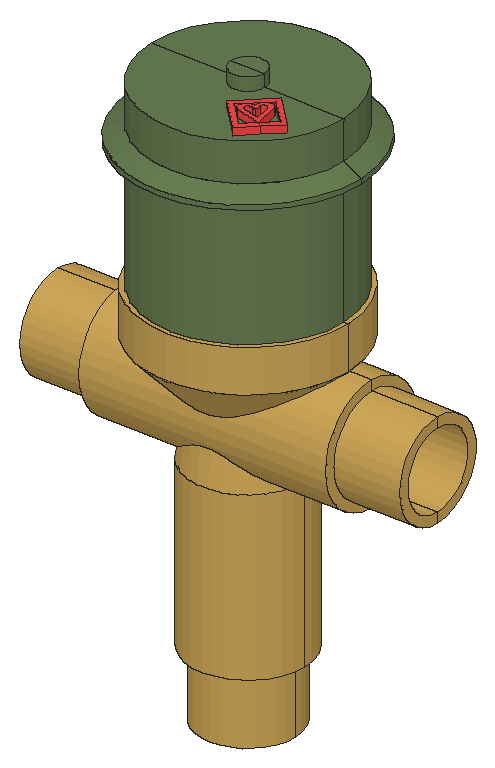
Revit family "TW Mischventil 7766 54", category Rohrzubehör, Revit 2018
Family settings
  Bemaßung runder Anschluss = Durchmesser verwenden
  Teiletyp = Unterbricht
  OmniClass-Nummer = 23.65.55.14
  OmniClass-Titel = Valves for Liquid Services
  Arbeitsebenenbasiert = Nein
  Immer vertikal = Ja
  Beim Laden mit Abzugskörper schneiden = Nein
  Gemeinsam genutzt = Nein
Parameters
  Temperaturstabilität am Ausgang = "+-2°C"  # constant formula
  Min. Übertemp. WW-MW = 15 °C  # constant formula
  Min. Durchfluss = 0.07 L/s  # constant formula
  Min. Betriebstemp. KW = "5 °C - 25 °C"  # constant formula
  Max. Betriebstemp. WW = 85 °C  # constant formula
  Max. Arbeitsdruck (dynamisch) = "0.2 - 6 bar"  # constant formula
  Warnhinweis = "• Es wird empfohlen das Ventil mindestens einmal im Jahr zu überprüfen. Bei schlechter oder unbekannter Wassergüte\r\nist die Prüfung entsprechend öfter durchzuführen.\r\n• Die Prüfung der Auslauftemperatur ist wie bei der Neuinstallation durchzuführen und darf nicht mehr als 2 °C vom\r\nErsteinstellwert abweichen.\r\n• Die Rückschlagventile sind zur Reinigung leicht zugänglich. Wir empfehlen die Verwendung einer Spitzzange um die\r\nRückschlagventile aus dem Ventilgehäuse zu ziehen. Aushebeln kann zu Beschädigungen führen.\r\n• Außer der Abnahme des Handrades und der Reinigung der Rückschlagventile ist ein weiteres Zerlegen des Ventils\r\nfür Wartungszwecke nicht vorgesehen"
  URL = "www.herz-armaturen.at"
  Temp. Einstellbereich = "35 °C - 50 °C"  # constant formula
  Spindel = "entzinkungsbeständiges Messing CW626N"  # constant formula
  Sicherheitshinweis = "Die verwendete Armatur ist eine SICHERHEITSARMATUR. Ein Austausch spätestens alle 5 Jahre wird empfohlen.\r\nNationale und regionale Normen, sowie Richtlinien sind zu beachten."
  SCTWSEQ = "AW;SBT_TYP_AW=\"104\";3"
  SCTWCODE = "04;18;03"  # constant formula
  S02 = H07 - H01 - H05  # 38.4 mm
  S01 = H00 - H01  # 61 mm
  R07 = 3.5 mm  # constant formula
  R06 = 24 mm  # constant formula
  R05 = 20.3 mm  # constant formula
  R04 = 24 mm  # constant formula
  R03 = R02 + 2 mm  # 12 mm
  R02 = Nennweite / 2  # 10 mm
  R01 = 8 mm  # constant formula
  Nennweite = 20 mm  # constant formula
  Mischtemp. (Werkseinstellung) = 45 °C  # constant formula
  Medium = "Trinkwasser"  # constant formula
  LO1 = H07 - H05  # 59.4 mm
  L02 = 21.3 mm  # constant formula
  L01 = 12 mm  # constant formula
  L00 = 40 mm  # constant formula
  Innenteil = "entzinkungsbeständiges Messing CW626N"  # constant formula
  Hinweis = "Gemäß Art 33 der REACH-Verordnung (EG Nr. 1907/2006) sind wir verpflichtet, darauf hinzuweisen, dass der Stoff Blei auf der SVHC-Liste geführt wird und dass alle aus Messing bestehenden Bauteile, die in unseren Erzeugnissen verarbeitet sind, mehr als 0,1 % (w/w) Blei (CAS: 7439-92-1 / EINECS: 231-100-4) enthalten.\r\nDa Blei als Legierungsbestandteil fest gebunden ist, sind keine Expositionen zu erwarten und daher sind keine zusätzlichen Angaben zur sicheren Verwendung notwendig."
  Hersteller = "HERZ Armaturen Ges.m.b.H."  # constant formula
  Handrad = "ABS"  # constant formula
  H08 = 8 mm  # constant formula
  H07 = 62 mm  # constant formula
  H06 = 25.4 mm  # constant formula
  H05 = 2.6 mm  # constant formula
  H04 = 35 mm  # constant formula
  H03 = 14 mm  # constant formula
  H02 = 9 mm  # constant formula
  H01 = 21 mm  # constant formula
  H00 = 82 mm  # constant formula
  Gehäuse = "entzinkungsbeständiges Messing CC770S"  # constant formula
  Funktion = "Das thermostatische Mischventil 7766 TMV wird in Anlagen mit erwärmten Trinkwasser eingesetzt.\r\nUnabhängig von Druck- oder Temperaturänderungen des im Ventil zu vermischenden Kalt- und Warmwassers, wird das gemischte Wasser konstant auf den voreingestellten Temperatur- und Durchflusswert geregelt.\r\nDas Thermostatventil arbeitet vollkommen selbstständig und ohne Hilfsenergie.\r\nDer nach der Installation einmal voreingestellte Wert der gewünschten Mischtemperatur, wird innerhalb einer regeltechnischen Hysterese konstant gehalten."
  Feder = "Edelstahl 1.4310"  # constant formula
  Durchfluss bei 3 bar = 0.7 L/s  # constant formula
  Dichtung = "EPDM"  # constant formula
  Bestellnummer = 2776654  # constant formula
  Arbeitsdruck (statisch) = 1000000.0 Pa  # constant formula
  Anschlussgewinde = "flachdichtend, G 3/4"  # constant formula
Reference planes
  plane 1 "Mitte (Vorne/hinten)": y = 0
  plane 2: z = 0
  plane 3 "Mitte (Links/rechts)": x = 0
Forms (mm)
  Revolve 1, solid, material "Kunststoff GRÜN", detail levels fine
    sketch origin (-2.352, 0, -141.797) x (1, 0, 0) y (0, 0, 1)
      loop
        line (-1.148, 201.197) -> (-17.948, 201.197) -> (-17.948, 193.197) -> (-21.648, 191.197) -> (-21.648, 190.197) -> (-17.948, 188.197) -> (-17.948, 162.797) -> (2.352, 162.797) -> (2.352, 203.797) -> (-1.148, 203.797) -> (-1.148, 201.197)
      axis (2.352, 203.797) -> (2.352, 162.797)
    angle from 0 to 360
  Revolve 2, solid, material "Messing, weicher Gelbton, geschweißt", detail levels fine
    sketch origin (101.455, 0, 0) x (1, 0, 0) y (0, 0, 1)
      loop
        line (-101.455, -49) -> (-101.455, 21) -> (-122.755, 21) -> (-122.755, 12) -> (-111.455, 0) -> (-113.455, -12) -> (-113.455, -47) -> (-111.455, -47) -> (-111.455, -61) -> (-109.455, -61) -> (-109.455, -49) -> (-101.455, -49)
      axis (-101.455, 21) -> (-101.455, -61)
    angle from 0 to 360
  Revolve 3, solid, material "Messing, weicher Gelbton, geschweißt", detail levels fine
    sketch origin (-28, 0, 0) x (1, 0, 0) y (0, 0, 1)
      loop
        line (56, 8) -> (68, 8) -> (68, 10) -> (54, 10) -> (54, 12) -> (2, 12) -> (2, 10) -> (-12, 10) -> (-12, 8) -> (0, 8) -> (0, 0) -> (56, 0) -> (56, 8)
      axis (-12, 0) -> (68, 0)
    angle from 0 to 360
Lines and regions (mm)
  model lines, detail levels coarse+medium
    curve 1: line (-40, 0, 10) -> (-40, 0, -10)
    curve 2: line (-40, 0, -10) -> (40, 0, 10)
    curve 3: line (40, 0, 10) -> (40, 0, -10)
    curve 4: line (40, 0, -10) -> (-40, 0, 10)
    curve 5: line (0, 0, 0) -> (10, 0, -61)
    curve 6: line (10, 0, -61) -> (-10, 0, -61)
    curve 7: line (-10, 0, -61) -> (0, 0, 0)
    curve 8: line (0, 0, 0) -> (0, 0, 21)
    curve 9: line (-20.3, 0, 21) -> (20.3, 0, 21)
    curve 10: line (20.3, 0, 21) -> (20.3, 0, 59.4)
    curve 11: line (20.3, 0, 59.4) -> (-20.3, 0, 59.4)
    curve 12: line (-20.3, 0, 59.4) -> (-20.3, 0, 21)
    curve 13: line (20.3, 0, 59.4) -> (-20.3, 0, 21)
    curve 14: line (-20.3, 0, 59.4) -> (20.3, 0, 21)
    curve 15: line (-40, 10, 0) -> (-40, -10, 0)
    curve 16: line (-40, -10, 0) -> (40, 10, 0)
    curve 17: line (40, 10, 0) -> (40, -10, 0)
    curve 18: line (40, -10, 0) -> (-40, 10, 0)
    curve 19: line (0, 0, 0) -> (-10, -61, 0)
    curve 20: line (-10, -61, 0) -> (10, -61, 0)
    curve 21: line (10, -61, 0) -> (0, 0, 0)
    curve 22: line (0, 0, 0) -> (0, 21, 0)
    curve 23: line (-20.3, 21, 0) -> (20.3, 21, 0)
    curve 24: line (20.3, 21, 0) -> (20.3, 59.4, 0)
    curve 25: line (20.3, 59.4, 0) -> (-20.3, 59.4, 0)
    curve 26: line (-20.3, 59.4, 0) -> (-20.3, 21, 0)
    curve 27: line (20.3, 59.4, 0) -> (-20.3, 21, 0)
    curve 28: line (-20.3, 59.4, 0) -> (20.3, 21, 0)
Dimensions and locks
  "L00": Revolve 3 sketch curve to plane 3 "Mitte (Links/rechts)" to Revolve 3 sketch curve
  "L01": Revolve 3 sketch curve to Revolve 3 sketch curve  (x2)
  "R01": Revolve 3 sketch curve to Revolve 3 sketch curve  (x2)
  "R02": Revolve 3 sketch curve to Revolve 3 sketch curve
  "L02": Revolve 2 sketch curve to Revolve 2 sketch curve
  "H02": Revolve 2 sketch curve to Revolve 2 sketch curve
  "R02": Revolve 2 sketch curve to Revolve 2 sketch curve  (x2)
  "H01": Revolve 2 sketch curve to plane 2
  "H00": Revolve 2 sketch curve to Revolve 2 sketch curve
  "H03": Revolve 2 sketch curve to Revolve 2 sketch curve
  "R03": Revolve 2 sketch curve to Revolve 2 sketch curve
  "H04": Revolve 2 sketch curve to Revolve 2 sketch curve
  "R01": Revolve 2 sketch curve to Revolve 2 sketch curve
  "L01": Revolve 2 sketch curve to Revolve 2 sketch curve
  "H03": Revolve 3 sketch curve to Revolve 3 sketch curve  (x2)
  "R03": Revolve 3 sketch curve to Revolve 3 sketch curve
  "R05": Revolve 1 sketch curve to Revolve 1 sketch curve  (x2)
  "H07": Revolve 1 sketch curve to plane 2
  "H05": Revolve 1 sketch curve to Revolve 1 sketch curve
  "H06": Revolve 1 sketch curve to Revolve 1 sketch curve
  "H08": Revolve 1 sketch curve to Revolve 1 sketch curve
  "R06": Revolve 1 sketch curve to Revolve 1 sketch curve
  "R07": Revolve 1 sketch curve to Revolve 1 sketch curve
  "R02": curve 4 to plane 2 to curve 2
  "R02": curve 3 to plane 2 to curve 4
  "L00": curve 1 to plane 3 "Mitte (Links/rechts)" to curve 3
  "R02": curve 6 to plane 3 "Mitte (Links/rechts)" to curve 7
  "S01": plane 2 to curve 6
  "H01": curve 8 to plane 2
  "S02": curve 11 to Revolve 1
  "R05": curve 12 to plane 3 "Mitte (Links/rechts)" to curve 10
  "L00": curve 15 to plane 3 "Mitte (Links/rechts)" to curve 17
  "R02": curve 16 to plane 1 "Mitte (Vorne/hinten)" to curve 18
  "R02": curve 18 to plane 1 "Mitte (Vorne/hinten)" to curve 17
  "R02": curve 20 to plane 3 "Mitte (Links/rechts)" to curve 21
  "S01": curve 20 to plane 1 "Mitte (Vorne/hinten)"
  "H01": plane 1 "Mitte (Vorne/hinten)" to curve 22
  "S02": curve 23 to curve 25
  "R05": curve 26 to plane 3 "Mitte (Links/rechts)" to curve 24
  "LO1": nested 1 to plane 2
  aligned and locked: level to plane 2
Automatic sketch dimensions
  curve 5 to level = 0 mm
  curve 8 to level = 0 mm
  plane 1 "Mitte (Vorne/hinten)" to curve 19 = 0 mm
  plane 1 "Mitte (Vorne/hinten)" to curve 22 = 0 mm
  Revolve 1 sketch curve to plane 3 "Mitte (Links/rechts)" = 0 mm  (x2)
  Revolve 1 sketch curve to Revolve 1 sketch curve = 2 mm  (x2)
  Revolve 1 sketch curve to Revolve 1 sketch curve = 1 mm
  Revolve 1 sketch curve to level = 366.045 mm
  Revolve 1 sketch curve to Revolve 1 sketch curve = 2152.315 mm
  Revolve 2 sketch curve to level = 0 mm
  Revolve 2 sketch curve to plane 3 "Mitte (Links/rechts)" = 0 mm  (x2)
  Revolve 2 sketch curve to Revolve 2 sketch curve = 0 mm
  Revolve 2 sketch curve to Revolve 2 sketch curve = 2193.315 mm
  Revolve 3 sketch curve to level = 0 mm  (x2)
  Revolve 3 sketch curve to Revolve 3 sketch curve = 2 mm
  Revolve 3 sketch curve to Revolve 3 sketch curve = 0 mm  (x2)
Nested families
  nested 1: "Herz-Logo" at (9.58, -9.58, 59.4) x (0.7071, 0.7071, 0) z (0, 0, 1), type "Herz-Logo", detail levels fine
Connectors
  piping at (-40, 0, 0), diameter 20, driven by "Nennweite"
    settings: on Revolve 3, index 1, connector inside diameter 609.6 mm, connector length 0 mm, flow factor 0, pipe flow 0.0 L/s, pressure drop 0.0 Pa, fitting loss kfactor 0, connector angle 0.00°, fixture units 0, engagement length 0 mm, angle of deflection 0.00°, flow configuration 0, flow direction 1, fitting loss method 0, system type 20, joint type 0, gender type 0, connector reference index -1, connector utility 0, adjustable connector no, is connector primary yes, connector description ""
  piping at (40, 0, 0), diameter 20, driven by "Nennweite"
    settings: on Revolve 3, index 2, connector inside diameter 609.6 mm, connector length 0 mm, flow factor 0, pipe flow 0.0 L/s, pressure drop 0.0 Pa, fitting loss kfactor 0, connector angle 0.00°, fixture units 0, engagement length 0 mm, angle of deflection 0.00°, flow configuration 0, flow direction 1, fitting loss method 0, system type 19, joint type 0, gender type 0, connector reference index -1, connector utility 0, adjustable connector no, is connector primary no, connector description ""
  piping at (0, 0, -61), diameter 20, driven by "Nennweite"
    settings: on Revolve 2, index 3, connector inside diameter 609.6 mm, connector length 0 mm, flow factor 0, pipe flow 0.0 L/s, pressure drop 0.0 Pa, fitting loss kfactor 0, connector angle 0.00°, fixture units 0, engagement length 0 mm, angle of deflection 0.00°, flow configuration 0, flow direction 2, fitting loss method 0, system type 29, joint type 0, gender type 0, connector reference index -1, connector utility 0, adjustable connector no, is connector primary no, connector description ""
Definition of nested family "Herz-Logo"
  Reference planes
    plane 1 "Mitte (Vorne/hinten)": y = 0
    plane 2: z = 0
    plane 3 "Mitte (Links/rechts)": x = 0
  Forms (mm)
    Extrusion 1, solid
      sketch origin (0, 0, 0) x (1, 0, 0) y (0, 1, 0)
        loop
          line (-0.018, -4.517) -> (4.482, -4.517) -> (4.482, 4.483) -> (-4.518, 4.483) -> (-4.518, -4.517) -> (-0.018, -4.517)
        loop
          line (-0.05, -3.48) -> (3.482, -3.48) -> (3.482, 3.483) -> (-3.518, 3.483) -> (-3.518, -3.48) -> (-0.05, -3.48)
        loop
          arc (-0.018, 2.383) -> (-1.543, 3.287) -> (-3.067, 2.383) r 1.738
          arc (-3.067, 2.383) -> (-3.191, 1.899) -> (-3.067, 1.415) r 1.009
          line (-3.067, 1.415) -> (-0.018, -3.281) -> (3.032, 1.415)
          arc (3.032, 1.415) -> (3.156, 1.899) -> (3.032, 2.383) r 1.009
          arc (3.032, 2.383) -> (1.507, 3.287) -> (-0.018, 2.383) r 1.738
        loop
          arc (1.885, 1.272) -> (2.005, 1.675) -> (1.885, 2.079) r 0.74
          arc (1.885, 2.079) -> (1.265, 2.416) -> (0.644, 2.079) r 0.74
          line (0.644, 2.079) -> (-0.018, 0.97) -> (-0.679, 2.079)
          arc (-0.679, 2.079) -> (-1.3, 2.416) -> (-1.921, 2.079) r 0.74
          arc (-1.921, 2.079) -> (-2.04, 1.675) -> (-1.921, 1.272) r 0.74
          line (-1.921, 1.272) -> (-0.018, -1.658) -> (1.885, 1.272)
      from 0 to 1.5
  Dimensions and locks
    aligned and locked: level to plane 2
